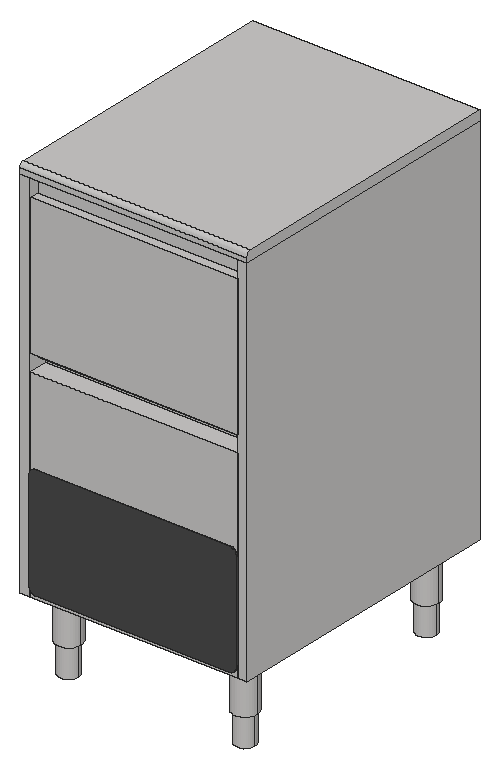
Revit family "QF_ZANUSSI_730287_IGE94I20SNP", category Specialty Equipment, Revit 2023
Family settings
  Round Connector Dimension = Use Diameter
  Part Type = Normal
  Work Plane-Based = No
  Enable Cutting in Views = No
  Always vertical = Yes
  Cut with Voids When Loaded = No
  Maintain Annotation Orientation = No
  Shared = No
  Room Calculation Point = No
Parameters (values of type "Standard")
  Weight = 58.00 kg
  Watts = 0 W
  Volts = 220 V
  URL Manufacturer = "http://www.zanussiprofessional.com"
  URL = "http://www.zanussiprofessional.com"
  Steam Supply Size = 0 mm
  Steam Supply Minimum Pressure = 0.0 Pa
  Steam Supply Maximum Pressure = 0.0 Pa
  Steam Pounds per Hour = 0
  Show Logo [instance] = yes
  Show Clearance [instance] = yes
  Refrigeration Suction Line Size = 0 mm
  Refrigeration Liquid Line Size = 0 mm
  Refrigerant Compressor Remote = yes
  Manufacturer = "Zanussi"
  Phase = 1
  Model = "IGE94I20SNP"
  Length Actual = 465 mm
  Item Number = "730287"
  Hot Water Size = 0 mm
  Height Actual = 889 mm
  HP = "0.7 HP"
  Gas Size = 0 mm
  Gas KW = 0
  Gas Input Pressure = 0 W
  Description = "AIR COOLED GRANULAR ICE XS 94KG/24H-BIN 20KG"
  Depth Actual = 595 mm
  Default Elevation = 0 mm
  Cycle = 50 Hz
  Condensate Return Size = 0 mm
  Compressed Air Volume = 0.0 L/s
  Compressed Air Size = 0 mm
  Compressed Air Pressure = 0.0 Pa
  Cold Water Size = 19.05 mm
  Accessory = no
Reference planes
  plane 1 "Center X": y = 272.851
  plane 2: z = 0
  plane 3 "Center Y": x = -501.5
  plane 4 "LEFT": x = -734
  plane 5 "RIGHT": x = -269
  plane 6 "FRONT": y = -24.649
  plane 7 "BACK": y = 570.351
  plane 8: z = 155
  plane 9: z = 943
  plane 10: z = 923
  plane 11: x = -714
  plane 12: x = -289
  plane 13: y = 15.351
Forms (mm)
  Extrusion 1, solid, material "QF_Finishes_Black"
    sketch origin (-217.296, -24.649, 371.513) x (-1, 0, 0) y (0, 0, -1)
      loop
        arc (481.704, -21.487) -> (492.311, -17.093) -> (496.704, -6.487) r 15
        line (496.704, -6.487) -> (496.704, 194.469)
        arc (496.704, 194.469) -> (492.311, 205.075) -> (481.704, 209.469) r 15
        line (481.704, 209.469) -> (86.704, 209.469)
        arc (86.704, 209.469) -> (76.097, 205.075) -> (71.704, 194.469) r 15
        line (71.704, 194.469) -> (71.704, -6.487)
        arc (71.704, -6.487) -> (76.097, -17.093) -> (86.704, -21.487) r 15
        line (86.704, -21.487) -> (481.704, -21.487)
    from 0 to 2
  Extrusion 2, solid, material "QF_Finishes_Stainless Steel"
    sketch origin (-501.5, 0, 0) x (0, 1, 0) y (0, 0, 1)
      loop
        line (570.351, 923) -> (570.351, 943) -> (-14.649, 943)
        arc (-14.649, 943) -> (-21.72, 940.071) -> (-24.649, 933) r 10
        line (-24.649, 933) -> (-24.649, 923) -> (570.351, 923)
    from -232.5 to 232.5
  Extrusion 3, solid, material "QF_Finishes_Stainless Steel"
    sketch origin (-321.2, 570.351, -329.545) x (1, 0, 0) y (0, 0, -1)
      loop
        circle (-16.8, -655.545) r 10
    from 0 to 10
  Extrusion 4, solid, material "QF_Finishes_Stainless Steel"
    sketch origin (0, 0, 0) x (1, 0, 0) y (0, 1, 0)
      loop
        line (-734, 570.351) -> (-734, -24.649) -> (-714, -24.649) -> (-714, 570.351) -> (-734, 570.351)
    from 155 to 923
  Extrusion 5, solid, material "QF_Finishes_Stainless Steel"
    sketch origin (0, 0, 0) x (1, 0, 0) y (0, 1, 0)
      loop
        line (-289, 570.351) -> (-289, -24.649) -> (-269, -24.649) -> (-269, 570.351) -> (-289, 570.351)
    from 155 to 923
  Extrusion 6, solid, material "QF_Finishes_Stainless Steel"
    sketch origin (0, 0, 0) x (1, 0, 0) y (0, 1, 0)
      loop
        line (-714, 570.351) -> (-714, 15.351) -> (-289, 15.351) -> (-289, 570.351) -> (-714, 570.351)
    from 155 to 923
  Extrusion 7, solid, material "QF_Finishes_Stainless Steel"
    sketch origin (0, 0, 0) x (1, 0, 0) y (0, 1, 0)
      loop
        line (-714, -24.649) -> (-289, -24.649) -> (-289, 15.351) -> (-714, 15.351) -> (-714, -24.649)
    from 155 to 567.953
  Extrusion 8, solid, material "QF_Finishes_Stainless Steel"
    sketch origin (-501.5, 0, 0) x (0, 1, 0) y (0, 0, 1)
      loop
        line (15.351, 923) -> (-4.649, 923) -> (-4.649, 887) -> (-24.649, 887) -> (-24.649, 601.652) -> (-4.649, 601.652) -> (-4.649, 586.652) -> (15.351, 586.652) -> (15.351, 923)
    from -212.5 to 212.5
  Extrusion 9, solid, material "QF_Finishes_Stainless Steel"
    sketch origin (-303.2, 570.351, -440.545) x (1, 0, 0) y (0, 0, -1)
      loop
        circle (-16.8, -655.545) r 10
    from 0 to 10
  Extrusion 10, solid, material "QF_Finishes_Stainless Steel"
    sketch origin (-363.2, 570.351, -361.545) x (1, 0, 0) y (0, 0, -1)
      loop
        circle (-16.8, -655.545) r 10
    from 0 to 10
Lines and regions (mm)
  Split face 1
    outline origin (-501.5, -4.649, 923) x (0, 0, -1) y (1, 0, 0)
      loop
        line (5.715, 89.928) -> (30.715, 89.928) -> (30.715, 129.928) -> (5.715, 129.928) -> (5.715, 89.928)
  symbolic lines
    curve 1: line (-734, 570.351, 0) -> (-269, 570.351, 0)
    curve 2: line (-734, -24.649, 0) -> (-734, 570.351, 0)
    curve 3: line (-269, -24.649, 0) -> (-734, -24.649, 0)
    curve 4: line (-269, 570.351, 0) -> (-269, -24.649, 0)
Dimensions and locks
  equal spacing: plane 4 "LEFT", plane 3 "Center Y", plane 5 "RIGHT"
  plane 4 "LEFT" to plane 5 "RIGHT" = 465 mm
  equal spacing: plane 7 "BACK", plane 1 "Center X", plane 6 "FRONT"
  plane 7 "BACK" to plane 6 "FRONT" = 595 mm
  plane 8 to plane 2 = 155 mm
  plane 9 to plane 8 = 788 mm
  locked: plane 4 "LEFT" to plane 11 at 20
  locked: plane 12 to plane 5 "RIGHT" at 20
  locked: plane 9 to plane 10 at 20
  locked: plane 13 to plane 6 "FRONT" at 40
  aligned and locked: level to plane 2
  aligned and locked: plane 5 "RIGHT" to Extrusion 2
  aligned and locked: Extrusion 2 to plane 4 "LEFT"
  aligned and locked: Extrusion 4 sketch curve to Extrusion 2  (x2)
  aligned and locked: plane 6 "FRONT" to Extrusion 4 sketch curve
  aligned and locked: Extrusion 4 sketch curve to plane 11
  aligned and locked: Extrusion 5 sketch curve to plane 7 "BACK"
  aligned and locked: plane 12 to Extrusion 5 sketch curve
  aligned and locked: Extrusion 5 sketch curve to Extrusion 2  (x2)
  aligned and locked: plane 10 to Extrusion 4
  aligned and locked: plane 10 to Extrusion 5
  aligned and locked: Extrusion 4 to plane 8
  aligned and locked: Extrusion 5 to plane 8
  aligned and locked: Extrusion 6 sketch curve to Extrusion 4
  aligned and locked: Extrusion 4 to Extrusion 6 sketch curve
  aligned and locked: plane 13 to Extrusion 6 sketch curve
  aligned and locked: Extrusion 6 sketch curve to plane 12
  aligned and locked: plane 10 to Extrusion 6
  aligned and locked: Extrusion 6 to plane 8
  aligned and locked: Extrusion 4 to Extrusion 7 sketch curve
  aligned and locked: Extrusion 7 sketch curve to Extrusion 4
  aligned and locked: plane 13 to Extrusion 7 sketch curve
  aligned and locked: plane 12 to Extrusion 7 sketch curve
  aligned and locked: Extrusion 7 to plane 8
  aligned and locked: plane 12 to Extrusion 8
  aligned and locked: Extrusion 8 to plane 11
Automatic sketch dimensions
  curve 3 to plane 4 "LEFT" = 0 mm
  curve 3 to plane 5 "RIGHT" = 0 mm
  curve 3 to plane 6 "FRONT" = 0 mm
  curve 2 to plane 7 "BACK" = 0 mm
  Extrusion 1 sketch curve to plane 12 = 0 mm
  plane 8 to Extrusion 1 sketch curve = 7.044 mm
  Extrusion 1 sketch curve to Extrusion 1 sketch curve = 15 mm  (x3)
  plane 11 to Extrusion 1 sketch curve = 15 mm  (x2)
  Extrusion 1 sketch curve to Extrusion 1 sketch curve = 200.956 mm
  Extrusion 2 sketch curve to plane 6 "FRONT" = 0 mm
  Extrusion 2 sketch curve to plane 9 = 0 mm
  Extrusion 2 sketch curve to plane 7 "BACK" = 0 mm
  Extrusion 2 sketch curve to plane 10 = 0 mm
  plane 6 "FRONT" to Extrusion 2 sketch curve = 10 mm
  Extrusion 6 to Extrusion 3 sketch curve = 171 mm
  Extrusion 3 sketch curve to Extrusion 6 = 49 mm
  Split face 1 sketch curve to Extrusion 8 = 5.715 mm
  Extrusion 8 to Split face 1 sketch curve = 5.285 mm
  Split face 1 sketch curve to Extrusion 8 = 122.572 mm
  Split face 1 sketch curve to Split face 1 sketch curve = 40 mm
  Extrusion 9 sketch curve to Extrusion 6 = 31 mm
  Extrusion 6 to Extrusion 9 sketch curve = 60 mm
  Extrusion 10 sketch curve to Extrusion 6 = 91 mm
  Extrusion 6 to Extrusion 10 sketch curve = 139 mm
  Extrusion 8 sketch curve to plane 6 "FRONT" = 0 mm
  Extrusion 8 sketch curve to plane 10 = 0 mm
  Extrusion 8 sketch curve to plane 13 = 0 mm
  plane 6 "FRONT" to Extrusion 8 sketch curve = 20 mm
  Extrusion 8 sketch curve to Extrusion 8 sketch curve = 20 mm
  Extrusion 8 sketch curve to plane 10 = 36 mm
  Extrusion 8 sketch curve to Extrusion 8 sketch curve = 285.348 mm
  Extrusion 8 sketch curve to Extrusion 8 sketch curve = 15 mm
  radius of Extrusion 3 sketch curve = 10 mm
  radius of Extrusion 9 sketch curve = 10 mm
  radius of Extrusion 10 sketch curve = 10 mm
Nested families
  nested 1: "Foot_Complete" at (-682, 35.351, 0), type "Foot_Complete"
    with H 155 mm
  nested 2: "Foot_Complete" at (-321, 35.351, 0) x (-1, 0, 0) z (0, 0, 1), type "Foot_Complete"
    with H 155 mm
  nested 3: "Foot_Complete" at (-682, 499.351, 0), type "Foot_Complete"
    with H 155 mm
  nested 4: "Foot_Complete" at (-321, 499.351, 0) x (-1, 0, 0) z (0, 0, 1), type "Foot_Complete"
    with H 155 mm
Connectors
  electrical at (-320, 580.351, 215), driven by "Volts"
    settings: on Extrusion 9, index 1, voltage 220 V, apparent load 0 VA, apparent load phase1 0 VA, apparent load phase2 0 VA, apparent load phase3 0 VA, power factor 1, load classification "Altro", number of poles 1, system type 30, power factor state 1, is connector primary yes, connector utility no, sub classification motor no, connector description "Electrical Connection"
  piping at (-338, 580.351, 326), diameter 20
    settings: on Extrusion 3, index 2, connector inside diameter 609.6 mm, connector length 0 mm, flow factor 0, pipe flow 0.0 L/s, pressure drop 0.0 Pa, fitting loss kfactor 0, connector angle 0.00°, fixture units 0, engagement length 0 mm, angle of deflection 0.00°, flow configuration 0, flow direction 0, fitting loss method 0, system type 20, joint type 0, gender type 0, connector reference index -1, connector utility 0, adjustable connector no, is connector primary yes, connector description "Cold water"
  piping at (-380, 580.351, 294), diameter 20
    settings: on Extrusion 10, index 3, connector inside diameter 609.6 mm, connector length 0 mm, flow factor 0, pipe flow 0.0 L/s, pressure drop 0.0 Pa, fitting loss kfactor 0, connector angle 0.00°, fixture units 0, engagement length 0 mm, angle of deflection 0.00°, flow configuration 0, flow direction 0, fitting loss method 0, system type 16, joint type 0, gender type 0, connector reference index -1, connector utility 0, adjustable connector no, is connector primary no, connector description "Drain"
Definition of nested family "Foot_Complete"
  Parameters (values of type "Foot_Complete")
    R = 25 mm
    H = 153 mm
    Default Elevation = 0 mm
  Reference planes
    plane 1 "Centro (Fronte/Retro)": y = 0
    plane 2: z = 0
    plane 3 "Centro (Sinistra/Destra)": x = 0
    plane 4: z = 153
  Forms (mm)
    Revolve 1, solid
      sketch origin (255.05, 0, 608.09) x (0, 0, 1) y (-1, 0, 0)
        loop
          line (-608.09, 255.05) -> (-608.09, 235.05) -> (-548.09, 235.05) -> (-548.09, 230.05) -> (-455.09, 230.05) -> (-455.09, 255.05) -> (-608.09, 255.05)
        axis (-608.09, 255.05) -> (-455.09, 255.05)
      angle from 0 to 360
  Dimensions and locks
    level to Revolve 1 sketch curve = 60 mm
    "R": Revolve 1 sketch curve to plane 3 "Centro (Sinistra/Destra)"
    "H": plane 4 to level
    aligned and locked: level to plane 2
    aligned and locked: plane 4 to Revolve 1 sketch curve
    aligned and locked: Revolve 1 sketch curve to level
    aligned and locked: plane 3 "Centro (Sinistra/Destra)" to Revolve 1 sketch curve
  Automatic sketch dimensions
    Revolve 1 sketch curve to plane 3 "Centro (Sinistra/Destra)" = 0 mm
    plane 3 "Centro (Sinistra/Destra)" to Revolve 1 sketch curve = 20 mm
    Revolve 1 sketch curve to Revolve 1 sketch curve = 50 mm
    Revolve 1 sketch curve to Revolve 1 sketch curve = 20 mm
